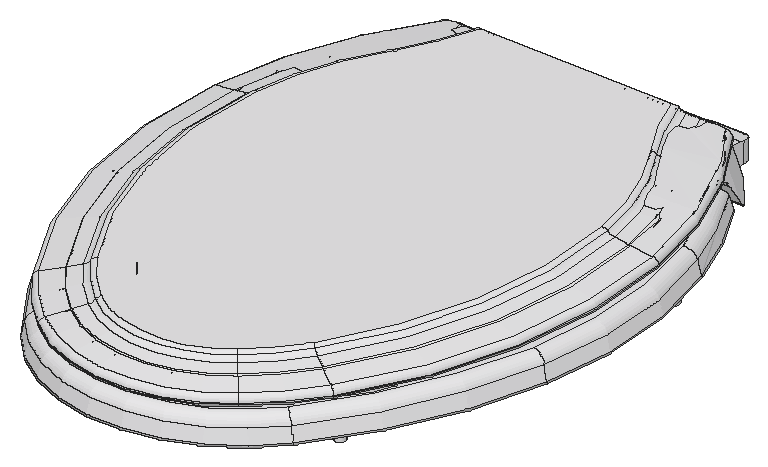
Revit family "Toilet_Seat-Elongated_Closed_Front-KOHLER-Rutledge-K-24764_1", category Specialty Equipment, host Face, Revit 2017 (continued)
Definition of nested family "K-24764"
  Lines and regions (in)
    symbolic lines, detail levels medium+fine
      curve 159: spline (-2.11342, 0, 0.04748) -> (-2.21006, 0, 0.04845) -> (-2.30542, 0, 0.04952) -> (-2.39937, 0, 0.05069) -> (-2.49178, 0, 0.05197) -> (-2.58252, 0, 0.05335) -> (-2.67148, 0, 0.05482) -> (-2.75852, 0, 0.05639) -> (-2.84352, 0, 0.05806) -> (-2.92638, 0, 0.05982) -> (-3.00698, 0, 0.06166) -> (-3.0852, 0, 0.0636) -> (-3.16094, 0, 0.06561)
      curve 160: spline (2.11343, 0, 0.04748) -> (1.7698, 0, 0.04453) -> (1.42149, 0, 0.04211) -> (1.06942, 0, 0.04022) -> (0.71452, 0, 0.03887) -> (0.35774, 0, 0.03806) -> (0, 0, 0.03778) -> (-0.35773, 0, 0.03806) -> (-0.71452, 0, 0.03887) -> (-1.06941, 0, 0.04022) -> (-1.42148, 0, 0.04211) -> (-1.76979, 0, 0.04453) -> (-2.11342, 0, 0.04748)
      curve 161: spline (3.16094, 0, 0.06561) -> (3.0852, 0, 0.0636) -> (3.00698, 0, 0.06166) -> (2.92638, 0, 0.05982) -> (2.84352, 0, 0.05806) -> (2.75852, 0, 0.05639) -> (2.67148, 0, 0.05482) -> (2.58253, 0, 0.05335) -> (2.49178, 0, 0.05197) -> (2.39938, 0, 0.05069) -> (2.30543, 0, 0.04952) -> (2.21007, 0, 0.04845) -> (2.11343, 0, 0.04748)
      curve 162: arc (-5.85894, 0, 1.96136) -> (-4.68795, 0, 1.90613) -> (-3.51602, 0, 1.87662) r 53.39502
      curve 163: arc (-3.51602, 0, 1.87662) -> (0, 0, 1.85167) -> (3.51602, 0, 1.87662) r 247.68558
      curve 164: arc (5.85894, 0, 1.96136) -> (4.68795, 0, 1.90613) -> (3.51602, 0, 1.87662) r 53.39502
  Dimensions and locks (in)
    plane 8 to plane 9 = 18.70079"
    plane 13 to plane 9 = 19.76378"
    plane 7 to plane 6 = 14.1811"
    plane 14 to level = 2.18898"
    plane 14 to plane 15 = 2.35433"
    plane 12 to plane 9 = 18.04993"
    plane 10 to plane 11 = 12.20472"
    plane 16 to level = 1.09078"
    aligned and locked: plane 2 to level
Definition of nested family "Light_Source"
  Parameters (values of type "Light_Source")
    Wattage = 130 W
    built-in parameter 1150110 = 1 (stored number, unit not read)
    built-in parameter 1114217 = 1 (stored number, unit not read)
    built-in parameter 1150109 = 1 (stored number, unit not read)
    built-in parameter 1150134 = (empty or 0)
    built-in parameter 1150113 = 1 (stored number, unit not read)
    built-in parameter 1150105 = 103.45 (stored number, unit not read)
    Lumens = 1300 lm
    built-in parameter 1150115 = 1 (stored number, unit not read)
    Light Source Symbol Size = 12"
    built-in parameter 1150137 = (empty or 0)
    built-in parameter 1150139 = (empty or 0)
    built-in parameter 1150112 = 1 (stored number, unit not read)
    built-in parameter 1150114 = 1 (stored number, unit not read)
    built-in parameter 1150132 = 2
    built-in parameter 1150102 = (empty or 0)
    built-in parameter 1150107 = 3000 (stored number, unit not read)
    built-in parameter 1150138 = (empty or 0)
    built-in parameter 1150106 = 1.0345 (stored number, unit not read)
    Emit from Line Length = 12"
    built-in parameter 1150104 = 0.92903 (stored number, unit not read)
    Dimming Lamp Color Temperature Shift = 1
    Default Elevation = 48"
    Color Filter = 15234564
    built-in parameter 1114218 = 1 (stored number, unit not read)
    built-in parameter 1150133 = 10 (stored number, unit not read)
  Reference planes (in)
    plane 1 "Center (Front/Back)": y = 0
    plane 2: z = 0
    plane 3 "Center (Left/Right)": x = 0
  Dimensions and locks (in)
    aligned and locked: plane 2 to level
